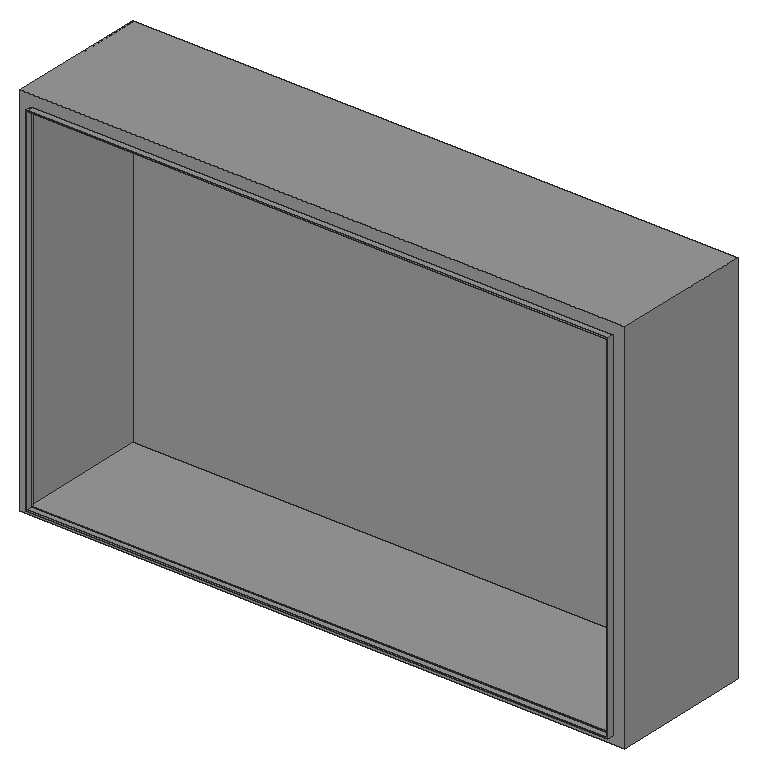
Revit family "Hager-Univers-IP30-D205-H500-Cl.II-Encl-NoHosted-CH-it", category Electrical Equipment, Revit 2020
Family settings
  Panel Configuration = Two Columns, Circuits Across
  Round Connector Dimension = Use Diameter
  Part Type = Panelboard
  Work Plane-Based = Yes
  Always vertical = Yes
  Cut with Voids When Loaded = No
  Shared = No
  Room Calculation Point = No
Parameters (values of type "A parete IP30 L800 A500 P205  - FP33Q1S")
  Width Control [instance] = if([EF000008 - Larghezza] > Min Width, [EF000008 - Larghezza], Min Width)  # 800 mm
  Type Comments = [HG000003 - Gamma]  # "Univers"
  Thickness Door [instance] = if([EF009171 - spessore materiale porta/coperchio] > 3 mm, 3 mm, [EF009171 - spessore materiale porta/coperchio])  # 1 mm
  Seal Frame Offset [instance] = 17 mm  # constant formula
  Plinth Visibility [instance] = [HG000027 - Altezza dello zoccolo] > 0 mm  # no
  Min Width [instance] = 100 mm  # constant formula
  Min Depth [instance] = (2 * [EF009170 - spessore materiale scatola]) + 1 mm  # 3 mm
  Min Height [instance] = 100 mm  # constant formula
  Internal Frame Depth [instance] = (Door System Depth * 0.5)  # 9 mm
  Panel Name [instance] = ""  # (empty or 0)
  Model = ""
  HG000027 - Altezza dello zoccolo = 0 mm
  HG000026 - A pavimento = no
  HG000024 - Altezza della sezione inferiore = 600 mm
  HG000023 - Custodia a doppia sezione = no
  HG000016 - Visibilità delle porte nella vista 3D [instance] = yes
  HG000015 - Visibilità attraverso la porta [instance] = no
  HG000014 - Porta destra [instance] = yes
  HG000013 - Porta sinistra [instance] = not([HG000014 - Porta destra])  # no
  HG000012 - Angolo di apertura della porta [instance] = 30.00°
  HG000010 - Porte asimmetriche = no
  HG000009 - Porta doppia a battente = no
  HG000006 - Ad incasso = no
  HG000004 - Codice produttore = "FP33Q1S"
  HG000003 - Gamma = "Univers"
  HG000002 - Con porta = no
  Frame Offset Bottom [instance] = 10 mm  # constant formula
  Frame Offset [instance] = 15 mm  # constant formula
  EF015940 - Coprire con rilascio di sovrapressione = no
  EF011959 - tipo di protezione (NEMA) = ""
  EF009554 - numero delle aperture per la piastra della flangia = 6
  EF009212 - esecuzione coperchio = "EV009916 - con taglio"
  EF009171 - spessore materiale porta/coperchio = 1 mm
  EF009170 - spessore materiale scatola = 1 mm
  EF008873 - corrente nominale (In) = 250 A
  EF007800 - adatto per parafulmine = no
  EF006306 - con serratura = no
  EF006244 - coperchio/porta trasparente = no
  EF005474 - grado di protezione (IP) = "EV006410 - IP30"
  EF004464 - tipo di porta = "EV000494 - senza"
  EF004427 - numero di moduli = 108
  EF004293 - resistenza agli urti = "EV006813 - IK07"
  EF003532 - adatto per uso esterno = no
  EF002950 - Numero moduli DIN = 36
  EF001613 - Integrità del circuito = "EV000494 - senza"
  EF001596 - Attacco Lampada = "EV000179 - acciaio"
  EF001131 - profondità interna = 130 mm
  EF001088 - possibilità di applicazione = yes
  EF000437 - numero di ingressi per conduttori = 6
  EF000339 - tipo di copertura = "EV000494 - senza"
  EF000266 - numero di file = 3
  EF000218 - profondità di incasso = 0 mm
  EF000118 - con piastra di montaggio = no
  EF000116 - numero RAL = "9010"
  EF000049 - profondità = 205 mm
  EF000040 - Altezza = 500 mm
  EF000008 - Larghezza = 800 mm
  EF000007 - colore = "EV000202 - bianco"
  EF000003 - Tipo di montaggio = "EV000384 - A parete"
  Door System Leaf Tolerance [instance] = 1.5 mm  # constant formula
  Door System Depth [instance] = 18 mm  # constant formula
  Door Height [instance] = Height Control - [HG000027 - Altezza dello zoccolo]  # 500 mm
  Description = ""
  Default Elevation = 1219.2 mm
  Connector Offset [instance] = Height Control / 2  # 250 mm
  Manufacturer = "Hager"  # constant formula
  Height Control [instance] = if([EF000040 - Altezza] > Min Height, [EF000040 - Altezza], Min Height)  # 500 mm
  Depth Control [instance] = if([EF000049 - profondità] > Min Depth, [EF000049 - profondità], Min Depth)  # 205 mm
  Bottom Top Plate Trim [instance] = 1.5 mm  # constant formula
  Plinth height Ctrl [instance] = if([HG000027 - Altezza dello zoccolo] > 0 mm, [HG000027 - Altezza dello zoccolo], 12 mm)  # 12 mm
Types (5, lengths in mm): name | Width Control | HG000004 - Codice produttore | EF009554 - numero delle aperture per la piastra della flangia | EF004427 - numero di moduli | EF002950 - Numero moduli DIN | EF000437 - numero di ingressi per conduttori | EF000008 - Larghezza
  A parete IP30 L1050 A500 P205  - FP34Q1S | 1050 | "FP34Q1S" | 8 | 144 | 48 | 8 | 1050
  A parete IP30 L1300 A500 P205  - FP35Q1S | 1300 | "FP35Q1S" | 10 | 180 | 60 | 10 | 1300
  A parete IP30 L300 A500 P205  - FP31Q1S | 300 | "FP31Q1S" | 2 | 36 | 12 | 2 | 300
  A parete IP30 L550 A500 P205  - FP32Q1S | 550 | "FP32Q1S" | 4 | 72 | 24 | 4 | 550
  A parete IP30 L800 A500 P205  - FP33Q1S | 800 | "FP33Q1S" | 6 | 108 | 36 | 6 | 800
Reference planes
  plane 1 "Center (Front/Back)": y = 0
  plane 2: z = 0
  plane 3 "Center (Left/Right)": x = 0
  plane 4: y = 0
  plane 5: y = 0
  plane 6: z = 0
  plane 7: x = -400
  plane 8: x = 400
  plane 9: x = 399
  plane 10: x = -399
  plane 11: z = 0
  plane 12: z = 1
  plane 13: y = -205
  plane 14: y = -1
  plane 15: x = 0
  plane 16: y = -187
  plane 17: y = -204
  plane 18: y = -186
  plane 19: x = -384
  plane 20: x = 384
  plane 21: z = 11
  plane 22: x = -383
  plane 23: x = 383
  plane 24: z = 0
  plane 25: z = 500
  plane 26: z = 500
  plane 27: z = 484
  plane 28: z = 499
Forms (mm)
  Extrusion 1, solid, material "Hager_Steel_RAL7035_Light_Grey", detail levels medium+fine
    sketch origin (-208.679, -4572, 0) x (-1, 0, 0) y (0, -1, 0)
      loop
        line (191.321, -4385) -> (-608.679, -4385) -> (-608.679, -4572) -> (191.321, -4572) -> (191.321, -4385)
    from 0 to 500
  Extrusion 2, void
    sketch origin (-350.771, -205, 1219.2) x (1, 0, 0) y (0, 0, 1)
      loop
        line (-48.229, -720.2) -> (-48.229, -1218.2) -> (749.771, -1218.2) -> (749.771, -720.2) -> (-48.229, -720.2)
    from -19 to -204
  Extrusion 3, void
    sketch origin (-290.084, -187, 1219.2) x (1, 0, 0) y (0, 0, 1)
      loop
        line (-93.916, -1208.2) -> (674.084, -1208.2) -> (674.084, -735.2) -> (-93.916, -735.2) -> (-93.916, -1208.2)
    from 0 to -1
  Extrusion 4, solid, material "Hager_Steel_RAL7035_Light_Grey", visible <- "Plinth Visibility", detail levels medium+fine
    sketch origin (0, 0, 0) x (1, 0, 0) y (0, 1, 0)
      loop
        line (-400, 0) -> (-400, -187) -> (400, -187) -> (400, 0) -> (-400, 0)
    from 0 to 12 <- "Plinth height Ctrl"
  Extrusion 5, solid, material "Hager_Steel_RAL7035_Light_Grey", detail levels coarse
    sketch origin (0, 0, 0) x (1, 0, 0) y (0, 1, 0)
      loop
        line (-400, 0) -> (-400, -205) -> (400, -205) -> (400, 0) -> (-400, 0)
    from 0 to 500 <- "Height Control"
  Sweep 6, void
    path in 3D
      loop
        line (-400, -187, 12) -> (400, -187, 12) -> (400, 0, 12) -> (-400, 0, 12) -> (-400, -187, 12)
    profile origin (-400, -93.5, 12) x (1, 0, 0) y (0, 0, 1)
      loop
        line (0, 0) -> (0, -1.5) -> (1.5, -1.5)
        arc (1.5, -1.5) -> (1.061, -0.439) -> (0, 0) r 1.5
  Extrusion 7, solid, material "Hager_Steel_RAL7035_Light_Grey", detail levels fine
    sketch origin (-400, -187, 0) x (1, 0, 0) y (0, 0, 1)
      loop
        line (16, 11) -> (784, 11) -> (784, 484) -> (16, 484) -> (16, 11)
      loop
        line (15, 10) -> (785, 10) -> (785, 485) -> (15, 485) -> (15, 10)
    from 0 to 9 <- "Internal Frame Depth"
Cuts and joins
  Extrusion 2, Extrusion 3 cuts Extrusion 1
  Sweep 6 cuts Extrusion 4
Lines and regions (mm)
  Masking region 1
    outline origin (0, 0, 0) x (1, 0, 0) y (0, 1, 0)
      loop
        line (-400, 0) -> (-400, -205) -> (400, -205) -> (400, 0) -> (-400, 0)
  Masking region 2, detail levels coarse
    outline origin (-290.084, -187, 1219.2) x (-1, 0, 0) y (0, 0, 1)
      loop
        line (-690.084, -1219.2) -> (109.916, -1219.2) -> (109.916, -719.2) -> (-690.084, -719.2) -> (-690.084, -1219.2)
  Masking region 3, detail levels coarse
    outline origin (0, 0, 0) x (0, 1, 0) y (0, 0, 1)
      loop
        line (0, 0) -> (0, 500) -> (-205, 500) -> (-205, 0) -> (0, 0)
  Masking region 4, visible <- "Plinth Visibility", detail levels medium+fine
    outline origin (0, 0, 0) x (0, 1, 0) y (0, 0, 1)
      loop
        line (-1.5, 12) -> (-185.5, 12)
        arc (-185.5, 12) -> (-185.939, 10.939) -> (-187, 10.5) r 1.5
        line (-187, 10.5) -> (-187, 0) -> (0, 0) -> (0, 10.5)
        arc (0, 10.5) -> (-1.061, 10.939) -> (-1.5, 12) r 1.5
  Masking region 5, detail levels medium+fine
    outline origin (0, 0, 594.038) x (0, 1, 0) y (0, 0, 1)
      loop
        line (0, -594.038) -> (0, -94.038) -> (-187, -94.038) -> (-187, -594.038) -> (0, -594.038)
  Masking region 6, detail levels medium+fine
    outline origin (-359.7, -187, 1211.883) x (-1, 0, 0) y (0, 0, 1)
      loop
        line (-759.7, -1211.883) -> (40.3, -1211.883) -> (40.3, -711.883) -> (-759.7, -711.883) -> (-759.7, -1211.883)
  Masking region 7, visible <- "Plinth Visibility", detail levels medium+fine
    outline origin (-320.334, -187, 1041.368) x (-1, 0, 0) y (0, 0, 1)
      loop
        line (-720.334, -1041.368) -> (79.666, -1041.368) -> (79.666, -1030.868)
        arc (79.666, -1030.868) -> (78.606, -1030.429) -> (78.166, -1029.368) r 1.5
        line (78.166, -1029.368) -> (-718.834, -1029.368)
        arc (-718.834, -1029.368) -> (-719.273, -1030.429) -> (-720.334, -1030.868) r 1.5
        line (-720.334, -1030.868) -> (-720.334, -1041.368)
  sketch lines
    curve 1: line (-400, 0, 12) -> (-400, -187, 12)
    curve 2: line (-400, -187, 12) -> (400, -187, 12)
    curve 3: line (400, 0, 12) -> (-400, 0, 12)
    curve 4: line (400, -187, 12) -> (400, 0, 12)
Dimensions and locks
  locked: plane 1 "Center (Front/Back)" to plane 5
  "EF009170 - spessore materiale scatola": plane 7 to plane 10
  "EF009170 - spessore materiale scatola": plane 8 to plane 9
  equal spacing: plane 7, plane 3 "Center (Left/Right)", plane 8
  "Width Control": plane 7 to plane 8
  "Depth Control": plane 4 to plane 13
  "EF009170 - spessore materiale scatola": plane 4 to plane 14
  "Height Control": plane 25 to level
  "HG000027 - Altezza dello zoccolo": plane 11 to level
  "EF009170 - spessore materiale scatola": plane 12 to plane 11
  "EF009170 - spessore materiale scatola": plane 17 to plane 13
  "EF009170 - spessore materiale scatola": plane 18 to plane 16
  "Frame Offset Bottom": plane 21 to plane 12
  "Frame Offset": plane 10 to plane 19
  "Frame Offset": plane 9 to plane 20
  "Door System Depth": plane 16 to plane 13
  "Seal Frame Offset": plane 7 to plane 22
  "Seal Frame Offset": plane 8 to plane 23
  "EF009170 - spessore materiale scatola": plane 26 to plane 28
  "Frame Offset": plane 28 to plane 27
  "Connector Offset": plane 2 to connector elem
  "Bottom Top Plate Trim": profile plane to Sweep 6 sketch curve
  "Bottom Top Plate Trim": Sweep 6 sketch curve to Sweep 6 sketch curve
  "Plinth height Ctrl": Masking region 4 sketch curve to level
  "Plinth height Ctrl": Masking region 7 sketch curve to level
  "Thickness Door": Extrusion 7 sketch curve to Extrusion 7 sketch curve  (x4)
  "Bottom Top Plate Trim": radius of Sweep 6 sketch curve
  "Bottom Top Plate Trim": radius of Masking region 4 sketch curve  (x2)
  "Bottom Top Plate Trim": radius of Masking region 7 sketch curve  (x2)
  aligned and locked: Extrusion 2 sketch curve to plane 12
  aligned and locked: Extrusion 2 sketch curve to plane 9
  aligned and locked: Extrusion 2 sketch curve to plane 10
  aligned and locked: Extrusion 2 to plane 14
  aligned and locked: Extrusion 1 sketch curve to plane 4
  aligned and locked: plane 8 to Extrusion 1 sketch curve
  aligned and locked: plane 7 to Extrusion 1 sketch curve
  aligned and locked: Extrusion 2 to plane 18
  aligned and locked: plane 19 to Extrusion 3 sketch curve
  aligned and locked: plane 20 to Extrusion 3 sketch curve
  aligned and locked: Extrusion 3 to Extrusion 2
  aligned and locked: Extrusion 3 sketch curve to plane 21
  aligned and locked: plane 3 "Center (Left/Right)" to nested 1
  aligned and locked: Extrusion 1 sketch curve to plane 16
  aligned and locked: Extrusion 4 sketch curve to cut or joined group of Extrusion 1, Extrusion 2, Extrusion 3
  aligned and locked: Masking region 1 sketch curve to plane 7
  aligned and locked: Masking region 1 sketch curve to plane 5
  aligned and locked: Masking region 1 sketch curve to plane 8
  aligned and locked: Masking region 2 sketch curve to level
  aligned and locked: level to Masking region 3 sketch curve
  aligned and locked: plane 1 "Center (Front/Back)" to Masking region 3 sketch curve
  aligned and locked: plane 13 to Masking region 3 sketch curve
  aligned and locked: plane 5 to Masking region 4 sketch curve
  aligned and locked: Masking region 2 sketch curve to plane 8
  aligned and locked: Masking region 2 sketch curve to plane 7
  aligned and locked: plane 7 to nested 2
  aligned and locked: nested 2 to plane 5
  aligned and locked: plane 5 to Masking region 5 sketch curve
  aligned and locked: plane 26 to Masking region 5 sketch curve
  aligned and locked: Extrusion 5 sketch curve to plane 8
  aligned and locked: Extrusion 5 sketch curve to plane 7
  aligned and locked: Extrusion 5 sketch curve to plane 5
  aligned and locked: Extrusion 3 sketch curve to plane 27
  aligned and locked: Extrusion 2 sketch curve to plane 28
  aligned and locked: Masking region 2 to plane 25
  aligned and locked: Extrusion 4 to plane 16
  aligned and locked: profile plane to Sweep 6 sketch curve
  aligned and locked: Masking region 5 sketch curve to plane 24
  aligned and locked: level to Masking region 4 sketch curve
  aligned and locked: Masking region 1 to plane 13
  aligned and locked: nested 1 to plane 16
  aligned and locked: Masking region 3 to plane 25
  aligned and locked: plane 16 to Masking region 4 sketch curve
  aligned and locked: Masking region 5 sketch curve to plane 16
  aligned and locked: plane 24 to plane 11
  aligned and locked: plane 26 to plane 25
  aligned and locked: plane 26 to cut or joined group of Extrusion 1, Extrusion 2, Extrusion 3
  aligned and locked: nested 1 to plane 24
  aligned and locked: Extrusion 1 to Extrusion 3
  aligned and locked: Masking region 6 sketch curve to plane 8
  aligned and locked: Masking region 6 sketch curve to plane 24
  aligned and locked: Masking region 6 sketch curve to plane 7
  aligned and locked: Masking region 6 sketch curve to plane 26
  aligned and locked: Masking region 7 sketch curve to plane 7
  aligned and locked: level to Masking region 7 sketch curve
  aligned and locked: Masking region 7 sketch curve to plane 8
  aligned and locked: Extrusion 7 sketch curve to cut or joined group of Extrusion 1, Extrusion 2, Extrusion 3  (x4)
Automatic sketch dimensions
  plane 19 to Extrusion 3 sketch curve = 0 mm
  Extrusion 3 sketch curve to plane 20 = 0 mm
  Extrusion 3 sketch curve to plane 21 = 0 mm
  Extrusion 4 sketch curve to plane 7 = 0 mm
  Extrusion 4 sketch curve to plane 8 = 0 mm
  Extrusion 4 sketch curve to plane 16 = 0 mm
  Masking region 1 sketch curve to plane 13 = 0 mm
  Masking region 2 sketch curve to plane 25 = 0 mm
  Masking region 3 sketch curve to plane 25 = 0 mm
  Extrusion 5 sketch curve to plane 13 = 0 mm
  profile plane to Sweep 6 sketch curve = 0 mm
Nested families
  nested 1: "EC000058_Univers_Door" at (0, -187, 0), Double <- "HG000009 - Porta doppia a battente", Transparent <- "EF006244 - coperchio/porta trasparente", Angle <- "HG000012 - Angolo di apertura della porta", Door_Right <- "HG000014 - Porta destra", Assymetrical <- "HG000010 - Porte asimmetriche", Door <- "HG000002 - Con porta", Width_Ctrl <- "Width Control", 3d_Door <- "HG000016 - Visibilità delle porte nella vista 3D", Clearance <- "HG000015 - Visibilità attraverso la porta", Door_Left <- "HG000013 - Porta sinistra", Width <- "Width Control", Door_Depth <- "Door System Depth", Leaf_Tolerance <- "Door System Leaf Tolerance", Height <- "Door Height", Lock_Visibility <- "EF006306 - con serratura", Thickness <- "Thickness Door", type "EC000058_Univers_Door", detail levels medium+fine
    with min_wh 3 mm, Width_Ctrl 800 mm, Width 800 mm, Transparent no, Thickness 1 mm, Seal_Material Hager_Rubber, Lock_Visibility no, Lock_Material Hager_Plastic_RAL9005_Jet_Black, Leaf_Width 800 mm, Leaf_Tolerance_External_Sides 0 mm, Leaf_Tolerance 1.5 mm, Leaf_Offset 0 mm, Leaf_Height 497 mm, Leaf_2_Width 800 mm, Leaf_2_Offset 400 mm, Leaf_1_Width 800 mm, Leaf_1_Offset 400 mm, Height_Ctrl 500 mm, Height 500 mm, Glass_Material Hager_Glass, Double_Clearance_Ctrl no, Double no, Door_Right_Ctrl no, Door_Right yes, Door_Material Hager_Steel_RAL7035_Light_Grey, Door_Left_Ctrl no, Door_Left no, Door_Depth 18 mm, Door no, Clearance_Material Hager_Clearance, Clearance_Depth 800 mm, Clearance_Ctrl no, Clearance no, Assymetrical no, Angle 30.00°, 3d_Door yes
  nested 2: "Hager_Enclosure_Symbol" at (-400, 0, 0), Height <- "Depth Control", Width <- "Width Control", type "Hager_Enclosure_Symbol"
    with Width_Ctrl 800 mm, Width 800 mm, Height_Ctrl 205 mm, Height 205 mm, A_Width_Int 13.453 mm, A_Width 161.438 mm, A_Height_Ctrl 179.375 mm, A_Height 179.375 mm
Connectors
  electrical at (0, 0, 250)
    settings: on plane 1 "Center (Front/Back)", index 1, voltage 0 V, apparent load 0 VA, apparent load phase1 0 VA, apparent load phase2 0 VA, apparent load phase3 0 VA, power factor 1, load classification "Other", number of poles 1, system type 30, power factor state 1, is connector primary yes, connector utility no, sub classification motor no, connector description ""
Definition of nested family "EC000058_Univers_Door"
  Parameters (values of type "EC000058_Univers_Door")
    min_wh [instance] = (2 * Thickness) + 1 mm  # 11 mm
    Width_Ctrl [instance] = 400 mm
    Width [instance] = 500 mm
    Transparent [instance] = yes
    Thickness [instance] = 5 mm
    Seal_Material [instance] = none
    Lock_Visibility [instance] = yes
    Lock_Material [instance] = none
    Leaf_Width [instance] = if((Width_Ctrl - 2 * Leaf_Tolerance_External_Sides) > 0 mm, (Width_Ctrl - 2 * Leaf_Tolerance_External_Sides), min_wh)  # 400 mm
    Leaf_Tolerance_External_Sides [instance] = 0 mm  # constant formula
    Leaf_Tolerance [instance] = 1.5 mm
    Leaf_Offset [instance] = 0 mm  # constant formula
    Leaf_Height [instance] = if((Height_Ctrl - 2 * Leaf_Tolerance) > 0 mm, (Height_Ctrl - 2 * Leaf_Tolerance), min_wh)  # 497 mm
    Leaf_2_Width [instance] = if(and(and(Double, Assymetrical), Door_Left), (Leaf_Width / 3) - (Leaf_Tolerance / 2), if(and(and(Double, Assymetrical), Door_Right), (Leaf_Width / 3) * 2 - (Leaf_Tolerance / 2), if(and(Double, not(Assymetrical)), (Leaf_Width / 2) - Leaf_Tolerance, Leaf_Width)))  # 400 mm
    Leaf_2_Offset [instance] = if(and(Double, Assymetrical), Leaf_2_Width / 2, if(and(Double, not(Assymetrical)), Leaf_Width / 4, Leaf_Width / 2))  # 200 mm
    Leaf_1_Width [instance] = if(and(and(Double, Assymetrical), Door_Right), (Leaf_Width / 3) - (Leaf_Tolerance / 2), if(and(and(Double, Assymetrical), Door_Left), (Width / 3) * 2 - (Leaf_Tolerance / 2), if(and(Double, not(Assymetrical)), (Leaf_Width / 2) - Leaf_Tolerance, Leaf_Width)))  # 400 mm
    Leaf_1_Offset [instance] = if(and(Double, Assymetrical), Leaf_1_Width / 2, if(and(Double, not(Assymetrical)), Leaf_Width / 4, Leaf_Width / 2))  # 200 mm
    Height_Ctrl [instance] = if(Height > min_wh, Height, min_wh)  # 500 mm
    Height [instance] = 500 mm
    Glass_Material [instance] = none
    Double_Clearance_Ctrl [instance] = and(Double, Clearance)  # no
    Double [instance] = no
    Door_Right_Ctrl [instance] = and(or(Door_Right, Double), Door)  # yes
    Door_Right [instance] = yes
    Door_Material [instance] = none
    Door_Left_Ctrl [instance] = and(or(Door_Left, Double), Door)  # no
    Door_Left [instance] = no
    Door_Depth [instance] = 30 mm
    Door [instance] = yes
    Default Elevation = 1219.2 mm
    Clearance_Material [instance] = none
    Clearance_Depth [instance] = if(Leaf_1_Width > Leaf_2_Width, Leaf_1_Width, Leaf_2_Width)  # 400 mm
    Clearance_Ctrl [instance] = and(not(Double), Clearance)  # yes
    Clearance [instance] = yes
    Assymetrical [instance] = yes
    Angle [instance] = 30.00°
    3d_Door [instance] = yes
  Reference planes
    plane 1 "Center (Front/Back)": y = 0
    plane 2 "Bottom": z = 0
    plane 3 "Center (Left/Right)": x = 0
    plane 4: z = 500
    plane 5: x = -200
    plane 6: x = 200
    plane 7: z = 500
    plane 8: x = -200
    plane 9: z = 0
    plane 10: x = 200
    plane 11: y = 0
    plane 12: z = 1.5
    plane 13: x = -600
    plane 14: y = -400
    plane 15: x = 600
    plane 16: x = 0
    plane 17: x = 0
    plane 18: x = -200
    plane 19: x = 200
    plane 20: z = 498.5
  Forms (mm)
    Extrusion 1, solid, material <- "Clearance_Material", visible <- "Double_Clearance_Ctrl"
      sketch origin (1200, 0, 0) x (1, 0, 0) y (0, 0, -1)
        loop
          line (-1800, -498.5) -> (-600, -498.5) -> (-600, 0) -> (-1800, 0) -> (-1800, -498.5)
      from 0 to -400
  Dimensions and locks
    equal spacing: plane 5, plane 3 "Center (Left/Right)", plane 6
    "Width_Ctrl": plane 5 to plane 6
    "Leaf_Offset": plane 5 to plane 8
    "Leaf_Offset": plane 6 to plane 10
    "Leaf_Offset": plane 9 to level
    "Leaf_Offset": plane 4 to plane 7
    "Height_Ctrl": plane 4 to level
    "Leaf_Tolerance": plane 12 to plane 9
    locked: plane 11 to plane 1 "Center (Front/Back)"
    "Leaf_1_Offset": plane 18 to plane 16
    "Leaf_2_Offset": plane 17 to plane 19
    "Leaf_1_Width": plane 13 to plane 8
    "Leaf_2_Width": plane 10 to plane 15
    "Clearance_Depth": plane 14 to plane 1 "Center (Front/Back)"
    "Leaf_Tolerance_External_Sides": plane 8 to plane 18
    "Leaf_Tolerance_External_Sides": plane 19 to plane 10
    "Leaf_Tolerance": plane 7 to plane 20
    aligned and locked: level to plane 2 "Bottom"
    aligned and locked: nested 1 to plane 16
    aligned and locked: nested 2 to plane 17
    aligned and locked: Extrusion 1 to plane 13
    aligned and locked: plane 15 to Extrusion 1
    aligned and locked: Extrusion 1 to plane 14
    aligned and locked: plane 12 to nested 1
    aligned and locked: nested 2 to plane 12
    aligned and locked: Extrusion 1 to plane 11
    aligned and locked: plane 20 to Extrusion 1
    aligned and locked: nested 2 to plane 11
    aligned and locked: nested 1 to plane 11
  Automatic sketch dimensions
    Extrusion 1 sketch curve to level = 0 mm
    plane 5 to Extrusion 1 sketch curve = 400 mm
    plane 6 to Extrusion 1 sketch curve = 400 mm
    Extrusion 1 sketch curve to plane 4 = 1.5 mm
  Nested families
    nested 1: "EC000058_Univers_Door_Leaf" at (0, 0, 1.5), Width <- "Leaf_1_Width", visible <- "Door_Left_Ctrl", Leaf_Height <- "Leaf_Height", Angle <- "Angle", 3d_Door <- "3d_Door", Transparent <- "Transparent", Clearance Material <- "Clearance_Material", Clearance <- "Clearance_Ctrl", Door_Material <- "Door_Material", Glass_Material <- "Glass_Material", Door_Depth <- "Door_Depth", Lock_Material <- "Lock_Material", Seal_Material <- "Seal_Material", Lock_Visibility <- "Lock_Visibility", Thickness <- "Thickness", type "EC000058_Univers_Door_Leaf"
      with Width 400 mm, Transparent_Glass_Offset 30 mm, Transparent_Ctrl yes, Transparent yes, Thickness 5 mm, Standard no, Seal_Material none, Seal_D2 8 mm, Seal_D1 1 mm, Offset_Internal_Frame 10 mm, Lock_Width 20 mm, Lock_Visibility_3d yes, Lock_Visibility yes, Lock_Thickness_3 3 mm, Lock_Thickness_2 1 mm, Lock_Thickness_1 3 mm, Lock_Radius_Offset_2 16 mm, Lock_Radius_Offset_1 15 mm, Lock_Radius_2 5 mm, Lock_Radius 6 mm, Lock_Offset 5 mm, Lock_Material none, Lock_Height 80 mm, Lock_Cover_Top_Offset_2d 17 mm, Lock_Cover_Height -65 mm, Leaf_Height 497 mm, Internal_Seal_Thickness 8 mm, Internal_Seal_Depth_2 4.5 mm, Internal_Frame_Depth 25 mm, Glass_Thickness -1 mm, Glass_Offset -2 mm, Glass_Material none, Door_Material none, Door_Depth 30 mm, Clearance Material none, Clearance yes, Angle_Ctrl 30.00°, Angle 30.00°, 3d_Door yes
    nested 2: "EC000058_Univers_Door_Leaf" at (0, 0, 1.5) x (-1, 0, 0) z (0, 0, 1), Width <- "Leaf_2_Width", visible <- "Door_Right_Ctrl", Leaf_Height <- "Leaf_Height", Angle <- "Angle", 3d_Door <- "3d_Door", Transparent <- "Transparent", Clearance Material <- "Clearance_Material", Clearance <- "Clearance_Ctrl", Door_Material <- "Door_Material", Glass_Material <- "Glass_Material", Door_Depth <- "Door_Depth", Lock_Material <- "Lock_Material", Seal_Material <- "Seal_Material", Lock_Visibility <- "Lock_Visibility", Thickness <- "Thickness", type "EC000058_Univers_Door_Leaf"
      with Width 400 mm, Transparent_Glass_Offset 30 mm, Transparent_Ctrl yes, Transparent yes, Thickness 5 mm, Standard no, Seal_Material none, Seal_D2 8 mm, Seal_D1 1 mm, Offset_Internal_Frame 10 mm, Lock_Width 20 mm, Lock_Visibility_3d yes, Lock_Visibility yes, Lock_Thickness_3 3 mm, Lock_Thickness_2 1 mm, Lock_Thickness_1 3 mm, Lock_Radius_Offset_2 16 mm, Lock_Radius_Offset_1 15 mm, Lock_Radius_2 5 mm, Lock_Radius 6 mm, Lock_Offset 5 mm, Lock_Material none, Lock_Height 80 mm, Lock_Cover_Top_Offset_2d 17 mm, Lock_Cover_Height -65 mm, Leaf_Height 497 mm, Internal_Seal_Thickness 8 mm, Internal_Seal_Depth_2 4.5 mm, Internal_Frame_Depth 25 mm, Glass_Thickness -1 mm, Glass_Offset -2 mm, Glass_Material none, Door_Material none, Door_Depth 30 mm, Clearance Material none, Clearance yes, Angle_Ctrl 30.00°, Angle 30.00°, 3d_Door yes
  Definition of nested family "EC000058_Univers_Door_Leaf"
    Parameters (values of type "EC000058_Univers_Door_Leaf")
      Width [instance] = 2000 mm
      Transparent_Glass_Offset [instance] = 30 mm
      Transparent_Ctrl [instance] = and(Transparent, [3d_Door])  # yes
      Transparent [instance] = yes
      Thickness [instance] = 5 mm
      Standard [instance] = and(not(Transparent), [3d_Door])  # no
      Seal_Material [instance] = none
      Seal_D2 [instance] = 8 mm  # constant formula
      Seal_D1 [instance] = 1 mm  # constant formula
      Offset_Internal_Frame [instance] = 10 mm  # constant formula
      Lock_Width [instance] = 20 mm  # constant formula
      Lock_Visibility_3d [instance] = and(Lock_Visibility, [3d_Door])  # yes
      Lock_Visibility [instance] = yes
      Lock_Thickness_3 [instance] = 3 mm  # constant formula
      Lock_Thickness_2 [instance] = 1 mm  # constant formula
      Lock_Thickness_1 [instance] = 3 mm  # constant formula
      Lock_Radius_Offset_2 [instance] = Lock_Radius_Offset_1 + 1 mm  # 16 mm
      Lock_Radius_Offset_1 [instance] = 15 mm  # constant formula
      Lock_Radius_2 [instance] = Lock_Radius - 1 mm  # 5 mm
      Lock_Radius [instance] = 6 mm  # constant formula
      Lock_Offset [instance] = 5 mm  # constant formula
      Lock_Material [instance] = none
      Lock_Height [instance] = 80 mm  # constant formula
      Lock_Cover_Top_Offset_2d [instance] = Lock_Radius_Offset_2 + 1 mm  # 17 mm
      Lock_Cover_Height [instance] = -(Lock_Height - Lock_Radius_Offset_1)  # -65 mm
      Leaf_Height [instance] = 2720.336 mm
      Internal_Seal_Thickness [instance] = 8 mm  # constant formula
      Internal_Seal_Depth_2 [instance] = 4.5 mm  # constant formula
      Internal_Frame_Depth [instance] = if(Door_Depth - Thickness > 5 mm, Door_Depth - Thickness, 5 mm)  # 25 mm
      Glass_Thickness [instance] = if(Thickness > 15 mm, Glass_Offset + 10 mm, -1 mm)  # -1 mm
      Glass_Offset [instance] = if(Thickness > 15 mm, -(Thickness + 10 mm) / 2, -2 mm)  # -2 mm
      Glass_Material [instance] = none
      Door_Material [instance] = none
      Door_Depth [instance] = 30 mm
      Default Elevation = 0 mm
      Clearance Material [instance] = none
      Clearance [instance] = yes
      Angle_Ctrl [instance] = if(Angle > 180.00°, 180.00°, Angle)  # 90.00°
      Angle [instance] = 90.00°
      3d_Door [instance] = yes
    Reference planes
      plane 1 "Center (Front/Back)": y = 0
      plane 2: z = 0
      plane 3 "Center (Left/Right)": x = 0
      plane 4: y = 2000
      plane 5: x = -1000
      plane 6: x = 1000
      plane 7: x = -3000
      plane 8: z = 2720.336
      plane 9: z = 30
      plane 10: z = 2690.336
      plane 11: x = 970
      plane 12: x = -970
      plane 13: y = -3
      plane 14: z = 107.833
      plane 15: y = -5
      plane 16: y = -223.314
      plane 17: x = -1000
      plane 18: z = 1360.168
      plane 19: y = 30
    Forms (mm)
      Extrusion 1, solid, material <- "Clearance Material", visible <- "Clearance"
        sketch origin (0, 0, 0) x (1, 0, 0) y (0, 0, 1)
          loop
            line (-3000, 2720.336) -> (-3000, 0) -> (1000, 0) -> (1000, 2720.336) -> (-3000, 2720.336)
        from 0 to -2000
      Extrusion 2, solid, material <- "Door_Material", visible <- "Standard", detail levels medium+fine
        sketch origin (-1000, 0, 0) x (0, 1, 0) y (-1, 0, 0)
          loop
            line (0, 30) -> (0, 25) -> (2000, 25) -> (2000, 30) -> (0, 30)
        from 0 to 2720.336 <- "Leaf_Height"
      Extrusion 3, solid, material <- "Door_Material", visible <- "Transparent_Ctrl", detail levels medium+fine
        sketch origin (-1000, 0, 0) x (0, 1, 0) y (-1, 0, 0)
          loop
            line (0, 25) -> (2000, 25) -> (2000, 30) -> (0, 30) -> (0, 25)
        from 0 to 2720.336 <- "Leaf_Height"
      Extrusion 4, void
        sketch origin (-1025, 2000, 0) x (0, 1, 0) y (0, 0, -1)
          loop
            line (-30, -2690.336) -> (-30, -30) -> (-1970, -30) -> (-1970, -2690.336) -> (-30, -2690.336)
        from 0 to 5 <- "Thickness"
      Sweep 5, solid, material <- "Seal_Material", visible <- "Transparent_Ctrl", detail levels fine
        path in 3D
          loop
            line (-1025, 30, 30) -> (-1025, 30, 2690.336) -> (-1025, 1970, 2690.336) -> (-1025, 1970, 30) -> (-1025, 30, 30)
        profile origin (-1025, 1000, 30) x (1, 0, 0) y (0, 0, 1)
          loop
            line (0, 0) -> (0, -8) -> (1, -8) -> (1, 0) -> (0, 0)
      Extrusion 6, solid, material <- "Glass_Material", visible <- "Transparent_Ctrl", detail levels medium+fine
        sketch origin (-1030, 0, 0) x (0, 1, 0) y (0, 0, -1)
          loop
            line (1970, -2690.336) -> (1970, -30) -> (30, -30) -> (30, -2690.336) -> (1970, -2690.336)
        from -2 <- "Glass_Offset" to -1 <- "Glass_Thickness"
      Extrusion 7, solid, material <- "Door_Material", visible <- "3d_Door", detail levels medium+fine
        sketch origin (-1025, 2000, 0) x (0, -1, 0) y (0, 0, -1)
          loop
            line (0, -2720.336) -> (2000, -2720.336) -> (2000, 0) -> (0, 0) -> (0, -2720.336)
          loop
            line (1995, -5) -> (5, -5) -> (5, -2715.336) -> (1995, -2715.336) -> (1995, -5)
        from 0 to 25 <- "Internal_Frame_Depth"
      Sweep 8, solid, material <- "Seal_Material", visible <- "Transparent_Ctrl", detail levels fine
        path in 3D
          loop
            line (-1025, 0, 0) -> (-1025, 2000, 0) -> (-1025, 2000, 2720.336) -> (-1025, 0, 2720.336) -> (-1025, 0, 0)
        profile origin (-1025, 0, 1360.168) x (1, 0, 0) y (0, 1, 0)
          loop
            line (0, 10) -> (2.975, 10)
            arc (2.975, 10) -> (4.053, 10.447) -> (4.5, 11.525) r 1.525
            line (4.5, 11.525) -> (4.5, 16.527)
            arc (4.5, 16.527) -> (4.069, 17.569) -> (3.027, 18) r 1.473
            line (3.027, 18) -> (0, 18) -> (0, 10)
      Extrusion 9, solid, material <- "Lock_Material", visible <- "Lock_Visibility_3d", detail levels fine
        sketch origin (-1030, 0, 0) x (0, 1, 0) y (0, 0, -1)
          loop
            arc (1993.5, -1400.168) -> (1994.561, -1399.729) -> (1995, -1398.668) r 1.5
            line (1995, -1398.668) -> (1995, -1320.168) -> (1975, -1320.168) -> (1975, -1398.668)
            arc (1975, -1398.668) -> (1975.439, -1399.729) -> (1976.5, -1400.168) r 1.5
            line (1976.5, -1400.168) -> (1993.5, -1400.168)
        from 3 <- "Lock_Thickness_1" to 0
      Blend 10, solid, material <- "Lock_Material", visible <- "Lock_Visibility_3d", detail levels fine
        base sketch origin (-1033, 0, 0) x (0, 1, 0) y (0, 0, -1)
          loop
            line (1975, -1320.168) -> (1975, -1398.668)
            arc (1975, -1398.668) -> (1975.439, -1399.729) -> (1976.5, -1400.168) r 1.5
            line (1976.5, -1400.168) -> (1993.5, -1400.168)
            arc (1993.5, -1400.168) -> (1994.561, -1399.729) -> (1995, -1398.668) r 1.5
            line (1995, -1398.668) -> (1995, -1320.168) -> (1975, -1320.168)
        top sketch origin (-1033, 0, 0) x (0, 1, 0) y (0, 0, -1)
          loop
            line (1976, -1320.168) -> (1976, -1398.668)
            arc (1976, -1398.668) -> (1976.146, -1399.022) -> (1976.5, -1399.168) r 0.5
            line (1976.5, -1399.168) -> (1993.5, -1399.168)
            arc (1993.5, -1399.168) -> (1993.854, -1399.022) -> (1994, -1398.668) r 0.5
            line (1994, -1398.668) -> (1994, -1320.168) -> (1976, -1320.168)
        from 0 to 1 <- "Lock_Thickness_2"
      Blend 11, solid, material <- "Lock_Material", visible <- "Lock_Visibility_3d", detail levels fine
        base sketch origin (-1034, 0, 0) x (0, 1, 0) y (0, 0, -1)
          loop
            line (1978, -1320.168) -> (1978, -1384.168)
            arc (1978, -1384.168) -> (1985, -1391.168) -> (1992, -1384.168) r 7
            line (1992, -1384.168) -> (1992, -1320.168) -> (1978, -1320.168)
        top sketch origin (-1034, 0, 0) x (0, 1, 0) y (0, 0, -1)
          loop
            line (1991, -1320.168) -> (1979, -1320.168) -> (1979, -1383.168)
            arc (1979, -1383.168) -> (1985, -1389.168) -> (1991, -1383.168) r 6
            line (1991, -1383.168) -> (1991, -1320.168)
        from 0 to 3 <- "Lock_Thickness_3"
      Extrusion 12, solid, material <- "Lock_Material", visible <- "Lock_Visibility_3d", detail levels fine
        sketch origin (-1030, 1975, 1320.168) x (1, 0, 0) y (0, -1, 0)
          loop
            line (-7, -19) -> (-7, -1) -> (0, -1) -> (0, 0) -> (-8, 0) -> (-8, -20) -> (0, -20) -> (0, -19) -> (-7, -19)
        from 0 to -65 <- "Lock_Cover_Height"
      Extrusion 13, void
        sketch origin (-1038, 1995, 1320.168) x (-1, 0, 0) y (0, 0, -1)
          loop
            line (-5, -65) -> (0, -65) -> (-5, -60) -> (-5, -65)
        from 0 to 20 <- "Lock_Width"
      Extrusion 14, void
        sketch origin (-1038, 1975, 1320.168) x (0, -1, 0) y (0, 0, -1)
          loop
            circle (-10, -15.995) r 6
          loop
            circle (-10, -15.995) r 5
        from 0 to 2
      Extrusion 15, solid, material <- "Lock_Material", visible <- "Lock_Visibility_3d", detail levels medium
        sketch origin (-1030, 0, 0) x (0, 1, 0) y (0, 0, -1)
          loop
            arc (1993.5, -1400.168) -> (1994.561, -1399.729) -> (1995, -1398.668) r 1.5
            line (1995, -1398.668) -> (1995, -1320.168) -> (1975, -1320.168) -> (1975, -1398.668)
            arc (1975, -1398.668) -> (1975.439, -1399.729) -> (1976.5, -1400.168) r 1.5
            line (1976.5, -1400.168) -> (1993.5, -1400.168)
        from 8 to 0
    Cuts and joins
      Extrusion 4 cuts Extrusion 3
      Extrusion 13, Extrusion 14 cuts Extrusion 9
      Extrusion 14 cuts Blend 11
      Extrusion 13, Extrusion 14 cuts Extrusion 12
      joined: Extrusion 9, Blend 10, Blend 11, Extrusion 12
      Extrusion 14 cuts Extrusion 15
    Lines and regions (mm)
      Masking region 1, visible <- "Lock_Visibility", detail levels fine
        outline origin (0, 0, 0) x (0, 1, 0) y (0, 0, 1)
          loop
            line (30, 1320.168) -> (33, 1320.168) -> (33, 1400.168) -> (30, 1400.168) -> (30, 1320.168)
      Masking region 2, visible <- "Lock_Visibility", detail levels fine
        outline origin (0, 3.143, 0) x (0, 1, 0) y (0, 0, 1)
          loop
            line (29.857, 1354.168) -> (30.857, 1354.168) -> (30.857, 1366.168) -> (29.857, 1366.168) -> (29.857, 1354.168)
      Masking region 3, detail levels medium+fine
        outline origin (0, 0, 0) x (0, 1, 0) y (0, 0, 1)
          loop
            line (0, 0) -> (30, 0) -> (30, 2720.336) -> (0, 2720.336) -> (0, 0)
      Masking region 4, detail levels medium+fine
        outline origin (0, 0, 0) x (1, 0, 0) y (0, 0, 1)
          loop
            line (-1000, 2720.336) -> (-1000, 0) -> (1000, 0) -> (1000, 2720.336) -> (-1000, 2720.336)
      Masking region 5, visible <- "Lock_Visibility", detail levels fine
        outline origin (-47.116, 0, 0) x (1, 0, 0) y (0, 0, 1)
          loop
            arc (1024.616, 1399.168) -> (1023.556, 1398.729) -> (1023.116, 1397.668) r 1.5
            line (1023.116, 1397.668) -> (1023.116, 1320.168) -> (1041.116, 1320.168) -> (1041.116, 1397.668)
            arc (1041.116, 1397.668) -> (1040.677, 1398.729) -> (1039.616, 1399.168) r 1.5
            line (1039.616, 1399.168) -> (1024.616, 1399.168)
      Masking region 6, visible <- "Lock_Visibility", detail levels medium+fine
        outline origin (-25, 0, 0) x (1, 0, 0) y (0, 0, 1)
          loop
            arc (1001.5, 1400.168) -> (1000.439, 1399.729) -> (1000, 1398.668) r 1.5
            line (1000, 1398.668) -> (1000, 1320.168) -> (1020, 1320.168) -> (1020, 1398.668)
            arc (1020, 1398.668) -> (1019.561, 1399.729) -> (1018.5, 1400.168) r 1.5
            line (1018.5, 1400.168) -> (1001.5, 1400.168)
      Masking region 7, visible <- "Lock_Visibility", detail levels fine
        outline origin (-73.735, 0, 0) x (1, 0, 0) y (0, 0, 1)
          loop
            line (1051.735, 1382.168) -> (1065.735, 1382.168) -> (1065.735, 1384.168)
            arc (1065.735, 1384.168) -> (1058.735, 1391.168) -> (1051.735, 1384.168) r 7
            line (1051.735, 1384.168) -> (1051.735, 1382.168)
      Masking region 8, visible <- "Lock_Visibility", detail levels fine
        outline origin (-73.735, 0, 0) x (1, 0, 0) y (0, 0, 1)
          loop
            line (1052.735, 1382.168) -> (1064.735, 1382.168) -> (1064.735, 1383.168)
            arc (1064.735, 1383.168) -> (1058.735, 1389.168) -> (1052.735, 1383.168) r 6
            line (1052.735, 1383.168) -> (1052.735, 1382.168)
      Masking region 9, visible <- "Lock_Visibility", detail levels fine
        outline origin (-25, 0, 0) x (1, 0, 0) y (0, 0, 1)
          loop
            line (1020, 1320.168) -> (1020, 1382.168) -> (1000, 1382.168) -> (1000, 1320.168) -> (1020, 1320.168)
      Masking region 10, detail levels medium+fine
        outline origin (0, 0, 0) x (1, 0, 0) y (0, 0, 1)
          loop
            circle (985, 1335.144) r 6
      Masking region 11, detail levels fine
        outline origin (0, 0, 0) x (1, 0, 0) y (0, 0, 1)
          loop
            circle (985, 1335.144) r 5
      Masking region 12, visible <- "Lock_Visibility", detail levels fine
        outline origin (0, 12.767, 0) x (0, 1, 0) y (0, 0, 1)
          loop
            line (20.233, 1320.168) -> (21.233, 1320.168) -> (21.233, 1399.168) -> (20.233, 1400.168) -> (20.233, 1320.168)
      Masking region 13, visible <- "Lock_Visibility", detail levels fine
        outline origin (0, 13.767, -10) x (0, 1, 0) y (0, 0, 1)
          loop
            line (20.233, 1330.168) -> (23.233, 1330.168) -> (23.233, 1399.168) -> (20.233, 1402.168) -> (20.233, 1330.168)
      Masking region 14, visible <- "Lock_Visibility", detail levels fine
        outline origin (0, 12.767, -10) x (0, 1, 0) y (0, 0, 1)
          loop
            line (20.233, 1330.168) -> (25.233, 1330.168) -> (25.233, 1399.305) -> (20.233, 1394.305) -> (20.233, 1330.168)
      Masking region 15, visible <- "Lock_Visibility", detail levels medium
        outline origin (0, 0, 0) x (0, 1, 0) y (0, 0, 1)
          loop
            line (30, 1320.168) -> (38, 1320.168) -> (38, 1400.168) -> (30, 1400.168) -> (30, 1320.168)
      Masking region 16, visible <- "Lock_Visibility", detail levels fine
        outline origin (-1000, 0, 0) x (0, 1, 0) y (-1, 0, 0)
          loop
            line (1975, 30) -> (1995, 30) -> (1995, 38) -> (1975, 38) -> (1975, 30)
          loop
            line (1979, 37) -> (1976, 37) -> (1976, 34) -> (1978, 34) -> (1979, 37)
          loop
            line (1994, 37) -> (1991, 37) -> (1992, 34) -> (1994, 34) -> (1994, 37)
      Masking region 17, visible <- "Lock_Visibility", detail levels medium
        outline origin (-1000, 0, 0) x (0, 1, 0) y (-1, 0, 0)
          loop
            line (1975, 30) -> (1995, 30) -> (1995, 38) -> (1975, 38) -> (1975, 30)
      symbolic lines
        curve 1: line (1000, 0, 0) -> (-3000, 0, 0)
        curve 2: arc (1000, 0, 0) -> (-1000, 2000, 0) -> (-3000, 0, 0) r 2000
        curve 4: line (-1030, 0, 0) -> (-1030, 2000, 0)
      reference lines
        curve 3: line (-1000, 0, 0) -> (-1000, 2000, 0)
      symbolic lines, detail levels medium+fine
        curve 5: line (-1030, 2000, 0) -> (-1025, 2000, 0)
        curve 7: line (-1025, 0, 0) -> (-1030, 0, 0)
        curve 8: line (-1025, 0, 0) -> (-1000, 0, 0)
        curve 9: line (-1000, 0, 0) -> (-1000, 2000, 0)
        curve 10: line (-1000, 2000, 0) -> (-1025, 2000, 0)
      symbolic lines, detail levels fine
        curve 6: line (-1025, 2000, 0) -> (-1025, 0, 0)
      sketch lines
        curve 11: line (-1025, 0, 2720.336) -> (-1025, 0, 0)
        curve 12: line (-1025, 2000, 0) -> (-1025, 0, 0)
        curve 13: line (-1025, 2000, 2720.336) -> (-1025, 2000, 0)
        curve 14: line (-1025, 0, 2720.336) -> (-1025, 2000, 2720.336)
        curve 15: line (-1025, 1970, 30) -> (-1025, 30, 30)
        curve 16: line (-1025, 30, 30) -> (-1025, 30, 2690.336)
        curve 17: line (-1025, 1970, 2690.336) -> (-1025, 1970, 30)
        curve 18: line (-1025, 30, 2690.336) -> (-1025, 1970, 2690.336)
      symbolic lines, visible <- "Transparent", detail levels medium+fine
        curve 19: line (-970, 0, 2690.336) -> (970, 0, 2690.336)
        curve 20: line (-970, 0, 30) -> (-970, 0, 2690.336)
        curve 21: line (970, 0, 30) -> (-970, 0, 30)
        curve 22: line (970, 0, 2690.336) -> (970, 0, 30)
    Dimensions and locks
      "Width": plane 1 "Center (Front/Back)" to plane 4
      equal spacing: plane 5, plane 3 "Center (Left/Right)", plane 6
      "Width": plane 5 to plane 6
      "Width": plane 7 to plane 5
      "Leaf_Height": plane 8 to level
      "Width": curve 5 to curve 3
      "Width": curve 3 to curve 3
      plane 8 to plane 10 = 30 mm
      plane 9 to level = 30 mm
      plane 12 to plane 5 = 30 mm
      plane 6 to plane 11 = 30 mm
      Extrusion 1 to Extrusion 4 sketch curve = 30 mm
      "Transparent_Glass_Offset": curve 3 to Extrusion 4 sketch curve
      "Transparent_Glass_Offset": Extrusion 4 sketch curve to cut or joined group of Extrusion 3, Extrusion 4  (x2)
      cut or joined group of Extrusion 3, Extrusion 4 to Extrusion 6 sketch curve = 30 mm
      "Transparent_Glass_Offset": cut or joined group of Extrusion 3, Extrusion 4 to Extrusion 4 sketch curve
      "Thickness": curve 6 to curve 4
      "Thickness": Extrusion 7 sketch curve to Extrusion 7 sketch curve  (x4)
      "Door_Depth": curve 4 to curve 3
      "Offset_Internal_Frame": profile plane to Sweep 8 sketch curve
      "Internal_Seal_Thickness": Sweep 8 sketch curve to Sweep 8 sketch curve
      "Internal_Seal_Depth_2": profile plane to Sweep 8 sketch curve
      "Seal_D1": profile plane to Sweep 5 sketch curve
      "Seal_D2": profile plane to Sweep 5 sketch curve
      "Thickness": Extrusion 2 sketch curve to Extrusion 2 sketch curve
      equal spacing: Extrusion 9 sketch curve, plane 18, Extrusion 9 sketch curve  (x2)
      equal spacing: Masking region 1 sketch curve, plane 18, Masking region 1 sketch curve
      "Lock_Height": Masking region 1 sketch curve to Masking region 1 sketch curve
      "Lock_Radius": Masking region 2 sketch curve to plane 18 to Masking region 2 sketch curve
      Masking region 2 sketch curve to Masking region 1 = 1 mm
      "Door_Depth": plane 19 to plane 1 "Center (Front/Back)"
      "Lock_Thickness_1": Masking region 1 sketch curve to plane 19
      "Lock_Width": Extrusion 9 sketch curve to Extrusion 9 sketch curve
      "Lock_Height": Extrusion 9 sketch curve to Extrusion 9 sketch curve
      "Lock_Offset": cut or joined group of Extrusion 3, Extrusion 4 to Extrusion 9 sketch curve
      equal spacing: plane 8, plane 18, level
      "Lock_Radius_Offset_1": Blend 11 sketch curve to Blend 10
      locked: Blend 10 to Blend 11 sketch curve at 2  (x2)
      locked: var sketch to Blend 11 sketch curve at 1  (x2)
      "Lock_Radius_Offset_2": Blend 11 sketch curve to Blend 10
      locked: Extrusion 12 sketch curve to Extrusion 12 sketch curve at 1  (x3)
      Masking region 6 sketch curve to Masking region 6 sketch curve = 80 mm
      "Lock_Height": Masking region 6 sketch curve to Masking region 6 sketch curve
      "Lock_Width": Masking region 6 sketch curve to Masking region 6 sketch curve
      locked: Masking region 6 to Masking region 5 sketch curve at 1  (x3)
      locked: Masking region 5 to Masking region 7 sketch curve at 2  (x2)
      "Lock_Radius_Offset_1": Masking region 5 to Masking region 7 sketch curve
      "Lock_Radius_Offset_2": Masking region 5 to Masking region 8 sketch curve
      locked: Masking region 7 to Masking region 8 sketch curve at 1  (x2)
      "Lock_Cover_Top_Offset_2d": Masking region 5 to Masking region 9 sketch curve
      equal spacing: Masking region 9, Masking region 10 sketch curve, Masking region 9
      equal spacing: Masking region 9, Masking region 11 sketch curve, Masking region 9
      Extrusion 15 sketch curve to Extrusion 15 sketch curve = 80 mm
      "Lock_Width": Extrusion 15 sketch curve to Extrusion 15 sketch curve
      "Lock_Height": Extrusion 15 sketch curve to Extrusion 15 sketch curve
      equal spacing: Extrusion 15 sketch curve, plane 18, Extrusion 15 sketch curve
      "Lock_Thickness_3": Masking region 13 sketch curve to Masking region 13 sketch curve
      "Lock_Height": Masking region 12 sketch curve to Masking region 12 sketch curve
      locked: Masking region 13 sketch curve to Masking region 1 at 8
      locked: Masking region 14 sketch curve to Masking region 13 at 1
      locked: Masking region 14 sketch curve to Masking region 1 at 10.863
      "Lock_Height": Masking region 15 sketch curve to Masking region 15 sketch curve
      "Lock_Offset": Extrusion 15 sketch curve to cut or joined group of Extrusion 3, Extrusion 4
      "Lock_Offset": plane 6 to Masking region 6 sketch curve
      radius of Sweep 8 sketch curve = 1.525 mm
      radius of Sweep 8 sketch curve = 1.473 mm
      radius of Extrusion 9 sketch curve = 1.5 mm  (x2)
      "Lock_Radius": radius of Extrusion 14 sketch curve
      "Lock_Radius_2": radius of Extrusion 14 sketch curve
      "Lock_Radius": radius of Masking region 10 sketch curve
      "Lock_Radius_2": radius of Masking region 11 sketch curve
      radius of Extrusion 15 sketch curve = 1.5 mm  (x2)
      "Angle_Ctrl": angle plane 1 "Center (Front/Back)" to curve 3
      locked: Masking region 12 sketch curve to Masking region 12 sketch curve (angle 45.00°)
      locked: Masking region 13 sketch curve to Masking region 13 sketch curve (angle 45.00°)
      locked: Masking region 14 sketch curve to Masking region 14 sketch curve (angle 45.00°)
      aligned and locked: level to plane 2
      aligned and locked: Extrusion 1 to curve 1
      aligned and locked: plane 6 to Extrusion 1
      aligned and locked: Extrusion 1 to plane 1 "Center (Front/Back)"
      aligned and locked: plane 4 to Extrusion 1
      aligned and locked: plane 8 to Extrusion 1
      aligned and locked: curve 7 to Extrusion 2 sketch curve
      aligned and locked: curve 5 to Extrusion 2 sketch curve
      aligned and locked: curve 7 to Extrusion 3 sketch curve
      aligned and locked: Extrusion 3 sketch curve to curve 4
      aligned and locked: Extrusion 3 sketch curve to curve 6
      aligned and locked: Extrusion 3 sketch curve to curve 5
      aligned and locked: curve 9 to curve 3
      aligned and locked: Extrusion 7 sketch curve to cut or joined group of Extrusion 3, Extrusion 4  (x4)
      aligned and locked: plane 17 to curve 3
      aligned and locked: plane 1 "Center (Front/Back)" to curve 3
      aligned and locked: plane 17 to plane 5
      aligned and locked: Sweep 8 sketch curve to profile plane
      aligned and locked: Sweep 5 sketch curve to profile plane  (x2)
      aligned and locked: Masking region 1 to Masking region 2 sketch curve
      aligned and locked: plane 19 to Masking region 1 sketch curve
      aligned and locked: plane 1 "Center (Front/Back)" to Masking region 3 sketch curve
      aligned and locked: plane 19 to Masking region 3 sketch curve
      aligned and locked: level to Masking region 3 sketch curve
      aligned and locked: Masking region 3 sketch curve to plane 8
      aligned and locked: plane 17 to Masking region 4 sketch curve
      aligned and locked: level to Masking region 4 sketch curve
      aligned and locked: Masking region 4 sketch curve to plane 8
      aligned and locked: plane 12 to curve 20
      aligned and locked: plane 10 to curve 19
      aligned and locked: plane 11 to curve 22
      aligned and locked: curve 21 to plane 9
      aligned and locked: Extrusion 2 sketch curve to cut or joined group of Extrusion 3, Extrusion 4
      aligned and locked: Blend 10 sketch curve to Extrusion 9  (x4)
      aligned and locked: Extrusion 9 to Blend 10 sketch curve
      aligned and locked: Blend 10 to Blend 11 sketch curve
      aligned and locked: Extrusion 12 sketch curve to Blend 11
      aligned and locked: Extrusion 12 sketch curve to Extrusion 9  (x4)
      aligned and locked: Masking region 5 sketch curve to Masking region 6
      aligned and locked: Masking region 9 sketch curve to Masking region 6  (x3)
      aligned and locked: Masking region 12 sketch curve to Masking region 1
      aligned and locked: Masking region 13 sketch curve to Masking region 1
      aligned and locked: Masking region 12 to Masking region 14
      aligned and locked: Masking region 14 sketch curve to Masking region 1
      aligned and locked: Masking region 15 sketch curve to Masking region 14
      aligned and locked: Masking region 13 sketch curve to Masking region 12
      aligned and locked: Masking region 16 sketch curve to cut or joined group of Extrusion 14, Extrusion 15  (x4)
      aligned and locked: Masking region 16 sketch curve to cut or joined group of Extrusion 9, Blend 10, Blend 11, Extrusion 12, Extrusion 13, Extrusion 14  (x6)
      aligned and locked: cut or joined group of Extrusion 9, Blend 10, Blend 11, Extrusion 12, Extrusion 13, Extrusion 14 to Masking region 16 sketch curve
      aligned and locked: Masking region 17 sketch curve to cut or joined group of Extrusion 14, Extrusion 15  (x3)
      aligned and locked: Masking region 17 sketch curve to cut or joined group of Extrusion 9, Blend 10, Blend 11, Extrusion 12, Extrusion 13, Extrusion 14
      aligned and locked: Masking region 9 to Masking region 8 sketch curve
      aligned and locked: Masking region 9 to Masking region 7 sketch curve
    Automatic sketch dimensions
      plane 1 "Center (Front/Back)" to curve 2 = 0 mm
      curve 2 to plane 5 = 0 mm
      Extrusion 1 sketch curve to level = 0 mm
      Extrusion 1 sketch curve to plane 7 = 0 mm
      Extrusion 1 sketch curve to plane 6 = 0 mm
      Extrusion 1 sketch curve to plane 8 = 0 mm
      Extrusion 3 to Extrusion 6 sketch curve = 30 mm  (x4)
      Masking region 4 sketch curve to plane 6 = 0 mm
      Blend 10 sketch curve to Extrusion 9 = 1.5 mm
      Blend 10 sketch curve to Extrusion 9 = 1 mm
      Extrusion 13 sketch curve to Extrusion 12 = 0 mm  (x2)
      Extrusion 12 to Extrusion 13 sketch curve = 3 mm
      Extrusion 13 sketch curve to Extrusion 12 = 5 mm
      Extrusion 14 sketch curve to Extrusion 14 sketch curve = 0 mm  (x2)
      Extrusion 14 sketch curve to Extrusion 12 = 10 mm
      Extrusion 14 sketch curve to Extrusion 12 = 15.995 mm
      Masking region 5 sketch curve to Masking region 5 sketch curve = 1.5 mm  (x2)
      Masking region 10 sketch curve to plane 18 = 25.024 mm
      Masking region 11 sketch curve to plane 18 = 25.024 mm
      plane 19 to Masking region 14 sketch curve = 3 mm
      Masking region 16 sketch curve to Masking region 16 sketch curve = 3 mm
      curve 4 to curve 3 = 0 mm
      Blend 10 to Blend 11 sketch curve = 0 mm
      Masking region 6 sketch curve to Masking region 6 sketch curve = 1.5 mm  (x2)
      Masking region 6 sketch curve to plane 18 = 40 mm
      plane 19 to Masking region 12 sketch curve = 3 mm
      Masking region 12 sketch curve to Masking region 12 sketch curve = 1 mm
      Masking region 15 sketch curve to plane 19 = 0 mm
      Masking region 15 sketch curve to plane 18 = 40 mm
      radius of Blend 10 sketch curve to Extrusion 9 = 1 mm
Definition of nested family "Hager_Enclosure_Symbol"
  Parameters (values of type "Hager_Enclosure_Symbol")
    Width_Ctrl [instance] = if(Width > 1 mm, Width, 1 mm)  # 102.27 mm
    Width [instance] = 102.27 mm
    Height_Ctrl [instance] = if(Height > 1 mm, Height, 1 mm)  # 66.5 mm
    A_Width_Int [instance] = if(A_Width / 12 > 2 mm, A_Width / 12, 2 mm)  # 4.364 mm
    A_Width [instance] = if(A_Height_Ctrl * 0.9 > 2 mm, A_Height_Ctrl * 0.9, 2 mm)  # 52.369 mm
    A_Height_Ctrl [instance] = if(A_Height > 2 mm, A_Height, 2 mm)  # 58.188 mm
    Height [instance] = 66.5 mm
    A_Height [instance] = Height - (Height / 8)  # 58.188 mm
  Reference planes
    plane 1 "Centre (avant/arrière)": y = 0
    plane 2: z = 0
    plane 3 "Centre (gauche/droite)": x = 0
    plane 4: x = 52.369
    plane 5: y = 33.042
    plane 6: y = 41.77
    plane 7: y = 66.5
    plane 8: x = 26.184
    plane 9: y = 37.406
    plane 10: x = 102.27
    plane 11: y = 66.5
    plane 12: y = 8.313
  Lines and regions (mm)
    Filled region 1, type "Solid_Black", in view "Niveau de réf."
      outline origin (0, 0, 0) x (1, 0, 0) y (0, 1, 0)
        loop
          line (52.369, 66.5) -> (33.188, 54.536) -> (45.365, 45.006) -> (52.369, 66.5)
    Filled region 2, type "Solid_Black", in view "Niveau de réf."
      outline origin (0, 0, 0) x (1, 0, 0) y (0, 1, 0)
        loop
          line (0, 0) -> (102.27, 0) -> (102.27, 66.5) -> (0, 0)
    detail lines, in view "Niveau de réf."
      curve 1: line (0, 8.313, 0) -> (26.184, 41.77, 0)
      curve 2: line (26.184, 41.77, 0) -> (26.184, 33.042, 0)
      curve 3: line (26.184, 33.042, 0) -> (52.369, 66.5, 0)
  Dimensions and locks
    "A_Width": plane 3 "Centre (gauche/droite)" to plane 4
    equal spacing: plane 3 "Centre (gauche/droite)", plane 8, plane 4
    equal spacing: plane 6, plane 9, plane 5
    equal spacing: curve 3, Filled region 1 sketch curve, Filled region 1 sketch curve
    "Height_Ctrl": plane 1 "Centre (avant/arrière)" to plane 11
    "A_Height_Ctrl": plane 11 to plane 12
    equal spacing: plane 11, plane 9, plane 12
    "A_Width_Int": plane 6 to plane 9
    "Width_Ctrl": plane 3 "Centre (gauche/droite)" to plane 10
    angle Filled region 1 sketch curve to curve 3 = 20.00°
    angle curve 3 to Filled region 1 sketch curve = 20.00°
    locked: curve 3 to Filled region 1 sketch curve (angle 90.00°)
    aligned and locked: plane 10 to Filled region 2
    aligned and locked: plane 11 to Filled region 2 sketch curve
    aligned and locked: plane 10 to Filled region 2 sketch curve
    aligned and locked: plane 3 "Centre (gauche/droite)" to curve 1
    aligned and locked: plane 12 to curve 1
    aligned and locked: plane 7 to plane 11
  Automatic sketch dimensions
    Filled region 1 sketch curve to plane 4 = 0 mm
    Filled region 1 sketch curve to plane 7 = 0 mm
    plane 1 "Centre (avant/arrière)" to Filled region 2 sketch curve = 0 mm
    Filled region 2 sketch curve to plane 3 "Centre (gauche/droite)" = 0 mm
    curve 2 to plane 6 = 0 mm
    curve 2 to plane 8 = 0 mm
    curve 3 to plane 4 = 0 mm
    curve 2 to plane 5 = 0 mm
    curve 3 to plane 7 = 0 mm
